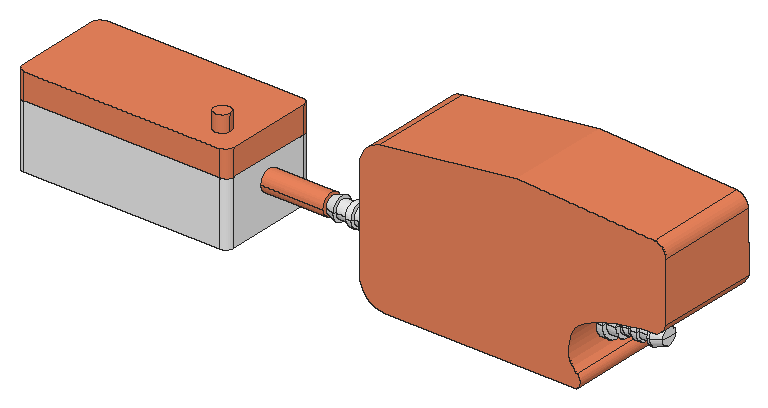
Revit family "90000951", category Mechanical Equipment, host Face, Revit 2023
Family settings
  Host = Face
  Round Connector Dimension = Use Diameter
  Part Type = Normal
  OmniClass Number = 23.70.50.11
  OmniClass Title = Pumps for Liquid Waste
  Cut with Voids When Loaded = No
  Maintain Annotation Orientation = No
  Shared = No
  Room Calculation Point = No
Parameters (values of type "90000951")
  _CurrentRevision = 1  # constant formula
  _BimSpecGuid = 0
  _BSBibleVersion = 14  # constant formula
  WarrantyStartDate [instance] = "Please record on commissioning"
  WarrantyGuarantorParts = ""
  WarrantyGuarantorLabor = ""
  WarrantyDurationUnit = "Year"
  WarrantyDescription = ""
  URL = "https://www.airflow.com/"
  Type IFC Predefined Type = "IfcPumpType"
  Type Comments = "FP3313"
  SpareParts = ""
  Size = "116x39x51mm / 80x39x34mm"
  Shape = "Rectangle"
  SerialNumber [instance] = "Please record on commissioning"
  ReplacementCost = ""
  ReferencedStandard = ""
  ProductionYear = "2017"  # constant formula
  Offset [instance] = 50 mm
  NominalLength = 116 mm
  NominalHeight = 51 mm
  NominalDepth = 39 mm
  NBSReference = "90-20-75/400"  # constant formula
  NBSOfficeMasterTag = "n/a"
  NBSNote = ""
  ModelReference = Model  # "Silent Mini Orange Condensate Pump"
  ModelNumber = Type Comments  # "FP3313"
  Model = "Silent Mini Orange Condensate Pump"
  Material = ""
  ManufacturerName = "Airflow Developments"
  Manufacturer = "Airflow Developments"
  Keynote = "R"
  InstallationDate [instance] = "Please record on commissioning"
  IfcExportType = "IfcPumpType"  # constant formula
  IfcExportAs = "IfcPump"  # constant formula
  Grade = "n/a"
  FlowRate [instance] = 0.0 L/s
  Finish = "n/a"
  Features = "n/a"
  Export Type to IFC As = "IfcPump"
  ExpectedLife = 0
  DurationUnit = "Year"
  DocumentationMaintenance = "n/a"
  DocumentationLiterature = "n/a"
  DocumentationCertificates = "n/a"
  Description = "SILENT+ MINI ORANGE CONDENSATE PUMP"
  Default Elevation = 1219.2 mm
  CreatedOn = "2017-05-16T00:00:00"
  Constituents = "n/a"
  Color = "Orange"
  CodePerformance = "n/a"
  ClassificationValue = "Pr_65_53_86_05"
  ClassificationName = "Uniclass2015"
  BarCode [instance] = "Please record on commissioning"
  AssetType = "Fixed"
  AssetIdentifier [instance] = "Please record on commissioning"
  Assembly Code = "MINI-ORANGE PUMP"
  AccessibilityPerformance = "n/a"
Reference planes
  plane 1 "Center (Front/Back)": y = 0
  plane 2: z = 0
  plane 3 "Center (Left/Right)": x = 0
  plane 4: x = -58
  plane 5: x = 58
  plane 6: y = -14
  plane 7: y = 14
  plane 8: x = -188
  plane 9: x = -108
  plane 10: x = 60.445
  plane 11: y = -19.5
  plane 12: y = 19.5
  plane 13: y = 19.5
  plane 14: y = -19.5
Forms (mm)
  Revolve 1, solid, material "AspenPumps-Plastic-White", detail levels medium+fine
    sketch origin (-14.409, 0, 15.937) x (1, 0, 0) y (0, 1, 0)
      loop
        line (35.667, 0) -> (58, 0) -> (58, 3) -> (54.389, 4.536) -> (53.363, 4.536) -> (53.363, 3.536) -> (49.289, 3.536) -> (49.289, 4.536) -> (47.032, 4.536) -> (47.032, 3.536) -> (45.102, 3.536) -> (43.958, 4.337) -> (42.647, 4.337) -> (42.647, 5.794) -> (38.688, 5.794) -> (38.688, 7.294) -> (35.667, 7.294) -> (35.667, 0)
      axis (35.667, 0) -> (58, 0)
    angle from 0 to 360
  Revolve 2, solid, material "AspenPumps-Plastic-White", detail levels medium+fine
    sketch origin (-26.126, 0, 15.938) x (1, 0, 0) y (0, 1, 0)
      loop
        line (-58, 0) -> (-31.874, 0) -> (-31.874, 5.297) -> (-43.617, 5.297) -> (-43.617, 3.245) -> (-47.185, 3.245) -> (-47.185, 4.265) -> (-49.331, 4.265) -> (-49.331, 3.245) -> (-53.956, 3.245) -> (-53.956, 4.314) -> (-58, 3) -> (-58, 0)
      axis (-31.874, 0) -> (-58, 0)
    angle from 0 to 360
  Extrusion 3, solid, material "AspenPumps-Plastic-Orange", detail levels medium+fine
    sketch origin (0, 0, 0) x (1, 0, 0) y (0, 1, 0)
      loop
        arc (-185, 19.5) -> (-187.121, 18.621) -> (-188, 16.5) r 3
        line (-188, 16.5) -> (-188, -16.5)
        arc (-188, -16.5) -> (-187.121, -18.621) -> (-185, -19.5) r 3
        line (-185, -19.5) -> (-111, -19.5)
        arc (-111, -19.5) -> (-108.879, -18.621) -> (-108, -16.5) r 3
        line (-108, -16.5) -> (-108, 16.5)
        arc (-108, 16.5) -> (-108.879, 18.621) -> (-111, 19.5) r 3
        line (-111, 19.5) -> (-185, 19.5)
    from 24 to 34
  Extrusion 4, solid, material "AspenPumps-Plastic-White", detail levels medium+fine
    sketch origin (0, 0, 0) x (1, 0, 0) y (0, 1, 0)
      loop
        line (-185, -19.5) -> (-111, -19.5)
        arc (-111, -19.5) -> (-108.879, -18.621) -> (-108, -16.5) r 3
        line (-108, -16.5) -> (-108, 16.5)
        arc (-108, 16.5) -> (-108.879, 18.621) -> (-111, 19.5) r 3
        line (-111, 19.5) -> (-185, 19.5)
        arc (-185, 19.5) -> (-187.121, 18.621) -> (-188, 16.5) r 3
        line (-188, 16.5) -> (-188, -16.5)
        arc (-188, -16.5) -> (-187.121, -18.621) -> (-185, -19.5) r 3
    from 0 to 24
  Revolve 5, solid, material "AspenPumps-Plastic-White", detail levels medium+fine
    sketch origin (0, 0, 13.091) x (1, 0, 0) y (0, 1, 0)
      loop
        line (-188, 0) -> (-188, 3) -> (-190, 3) -> (-190, 0) -> (-188, 0)
      axis (-188, 0) -> (-190, 0)
    angle from 0 to 360
  Extrusion 6, solid, material "AspenPumps-Plastic-Orange", detail levels medium+fine
    sketch origin (0, 0, 0) x (1, 0, 0) y (0, 1, 0)
      loop
        circle (-118, -9.441) r 3
    from 40 to 34
  Extrusion 7, solid, material "AspenPumps-Plastic-Orange", detail levels medium+fine
    sketch origin (0, 0, 2.846) x (0, 1, 0) y (0, 0, 1)
      loop
        circle (0, 13.091) r 4
    from -108 to -84.126
  Extrusion 8, solid, material "AspenPumps-Plastic-Orange", detail levels coarse
    sketch origin (0, 0, 0) x (1, 0, 0) y (0, 1, 0)
      loop
        line (-188, 14) -> (-188, -14) -> (58, -14) -> (58, 14) -> (-188, 14)
    from 0 to 63.464
  Extrusion 9, solid, material "AspenPumps-Plastic-Orange", detail levels medium+fine
    sketch origin (0, 0, 0) x (1, 0, 0) y (0, 0, 1)
      loop
        line (-48, 0) -> (24.102, 0)
        arc (24.102, 0) -> (25.649, 2.5) -> (24.102, 5) r 2.793
        spline (24.102, 5) -> (21.9, 8.104) -> (21.249, 11.626) -> (21.494, 14.929) -> (22.146, 17.559) -> (23.2, 19.617) -> (24.744, 21.301) -> (26.862, 22.813) -> (29.665, 24.316) -> (33.4, 25.784) -> (38.352, 27.128) -> (44.812, 28.259) -> (53.066, 29.087)
        arc (53.066, 29.087) -> (56.208, 30.251) -> (58, 33.082) r 5.235
        line (58, 33.082) -> (58, 55.679)
        arc (58, 55.679) -> (56.771, 58.962) -> (53.688, 60.632) r 5
        arc (53.688, 60.632) -> (1.589, 63.208) -> (-50.147, 56.559) r 294.697
        arc (-50.147, 56.559) -> (-55.793, 53.059) -> (-58, 46.793) r 10
        line (-58, 46.793) -> (-58, 10)
        arc (-58, 10) -> (-55.071, 2.929) -> (-48, 0) r 10
    from -19.5 to 19.5
Cuts and joins
  joined: Extrusion 4, Revolve 5
  joined: Extrusion 3, Extrusion 6
Dimensions and locks
  equal spacing: plane 4, plane 3 "Center (Left/Right)", plane 5
  equal spacing: plane 6, plane 1 "Center (Front/Back)", plane 7
  plane 7 to plane 6 = 28 mm
  plane 4 to plane 5 = 116 mm
  "Offset": plane 9 to plane 4
  locked: plane 8 to plane 9 at 80
  equal spacing: plane 11, plane 1 "Center (Front/Back)", plane 12
  plane 12 to plane 11 = 39 mm
  locked: Revolve 5 sketch curve to plane 8 at 2
  locked: Extrusion 6 sketch curve to plane 9 at 10
  locked: Extrusion 6 sketch curve to plane 6 at 4.559
  aligned and locked: plane 2 to host face
  aligned and locked: level to host face
  aligned and locked: plane 12 to Extrusion 3 sketch curve
  aligned and locked: Extrusion 3 sketch curve to plane 11
  aligned and locked: plane 8 to Extrusion 3 sketch curve
  aligned and locked: Extrusion 3 sketch curve to plane 9
  aligned and locked: Extrusion 4 sketch curve to Extrusion 3  (x3)
  aligned and locked: Revolve 5 sketch curve to plane 8
  aligned and locked: Extrusion 7 to plane 9
  aligned and locked: Extrusion 8 sketch curve to plane 5
  aligned and locked: plane 8 to Extrusion 8 sketch curve
  aligned and locked: Extrusion 8 sketch curve to plane 7
  aligned and locked: plane 6 to Extrusion 8 sketch curve
  aligned and locked: Extrusion 7 to Revolve 2
Automatic sketch dimensions
  host sketch curve to host sketch curve = 2438.4 mm  (x2)
  plane 1 "Center (Front/Back)" to Revolve 1 sketch curve = 0 mm  (x2)
  Revolve 1 sketch curve to plane 5 = 14.409 mm
  Revolve 1 sketch curve to plane 5 = 18.02 mm
  Revolve 1 sketch curve to Revolve 1 sketch curve = 1.026 mm
  Revolve 1 sketch curve to Revolve 1 sketch curve = 4.073 mm
  Revolve 1 sketch curve to Revolve 1 sketch curve = 2.257 mm
  Revolve 1 sketch curve to Revolve 1 sketch curve = 1.93 mm
  Revolve 1 sketch curve to plane 1 "Center (Front/Back)" = 4.337 mm
  Revolve 1 sketch curve to Revolve 1 sketch curve = 1.144 mm
  Revolve 1 sketch curve to Revolve 1 sketch curve = 1.311 mm
  Revolve 1 sketch curve to Revolve 1 sketch curve = 3.958 mm
  Revolve 1 sketch curve to Revolve 1 sketch curve = 3.022 mm
  Revolve 1 sketch curve to plane 1 "Center (Front/Back)" = 3.536 mm
  Revolve 1 sketch curve to Revolve 1 sketch curve = 0 mm
  Revolve 1 sketch curve to Revolve 1 sketch curve = 1 mm  (x2)
  Revolve 1 sketch curve to Revolve 1 sketch curve = 1.457 mm
  Revolve 1 sketch curve to Revolve 1 sketch curve = 1.5 mm
  Revolve 1 sketch curve to Revolve 1 sketch curve = 14.96 mm
  Revolve 1 sketch curve to Revolve 1 sketch curve = 5.712 mm
  Revolve 1 sketch curve to Revolve 1 sketch curve = 3 mm
  plane 1 "Center (Front/Back)" to Revolve 2 sketch curve = 0 mm  (x2)
  Revolve 2 sketch curve to plane 4 = 26.126 mm
  Revolve 2 sketch curve to plane 4 = 22.081 mm
  Revolve 2 sketch curve to Revolve 2 sketch curve = 4.625 mm
  Revolve 2 sketch curve to Revolve 2 sketch curve = 5.714 mm
  Revolve 2 sketch curve to Revolve 2 sketch curve = 11.743 mm
  Revolve 2 sketch curve to Revolve 2 sketch curve = 3 mm
  Revolve 2 sketch curve to plane 1 "Center (Front/Back)" = 3.245 mm
  Revolve 2 sketch curve to Revolve 2 sketch curve = 1.069 mm
  Revolve 2 sketch curve to Revolve 2 sketch curve = 2.052 mm
  Revolve 2 sketch curve to plane 4 = 32.864 mm
  Revolve 2 sketch curve to Revolve 2 sketch curve = 5.994 mm
  Revolve 2 sketch curve to Revolve 2 sketch curve = 1.02 mm
  Revolve 2 sketch curve to Revolve 2 sketch curve = 2.146 mm
  Revolve 2 sketch curve to Revolve 2 sketch curve = 0 mm
  Extrusion 3 sketch curve to plane 6 = 2.5 mm  (x2)
  plane 7 to Extrusion 3 sketch curve = 2.5 mm
  Extrusion 3 sketch curve to plane 9 = 3 mm
  Extrusion 4 sketch curve to Extrusion 4 sketch curve = 3 mm  (x2)
  Extrusion 4 sketch curve to plane 9 = 3 mm
  plane 1 "Center (Front/Back)" to Revolve 5 sketch curve = 0 mm  (x2)
  Revolve 5 sketch curve to plane 8 = 0 mm
  Revolve 5 sketch curve to Revolve 5 sketch curve = 3 mm
  Revolve 5 sketch curve to Revolve 5 sketch curve = 5.487 mm
  Extrusion 7 sketch curve to Extrusion 7 sketch curve = 0 mm  (x2)
  Extrusion 7 sketch curve to plane 1 "Center (Front/Back)" = 0 mm
  level to Extrusion 7 sketch curve = 15.938 mm
  plane 1 "Center (Front/Back)" to Extrusion 7 sketch curve = 4 mm
  Extrusion 9 sketch curve to plane 4 = 0 mm
  Extrusion 9 sketch curve to level = 0 mm
  Extrusion 9 sketch curve to plane 5 = 0 mm
  plane 3 "Center (Left/Right)" to Extrusion 9 sketch curve = 13.138 mm
  level to Extrusion 9 sketch curve = 2.5 mm
  plane 3 "Center (Left/Right)" to Extrusion 9 sketch curve = 22.857 mm
  level to Extrusion 9 sketch curve = 5 mm
  Extrusion 9 sketch curve to Extrusion 9 sketch curve = 1.245 mm
  Extrusion 9 sketch curve to plane 5 = 5.087 mm
  Extrusion 9 sketch curve to Extrusion 9 sketch curve = 5 mm
  Extrusion 9 sketch curve to plane 5 = 4.934 mm
  Extrusion 9 sketch curve to level = 231.262 mm
  level to Extrusion 9 sketch curve = 29.087 mm
  Extrusion 9 sketch curve to Extrusion 9 sketch curve = 3.996 mm
  Extrusion 9 sketch curve to Extrusion 9 sketch curve = 36.793 mm
  Extrusion 9 sketch curve to Extrusion 9 sketch curve = 21.359 mm
  Extrusion 9 sketch curve to Extrusion 9 sketch curve = 0 mm
  plane 4 to Extrusion 9 sketch curve = 10 mm  (x2)
  radius of Extrusion 6 sketch curve = 3 mm
Connectors
  piping at (43.591, 0, 15.937), diameter 6, driven by "FlowRate"
    settings: on Revolve 1, index 1, connector inside diameter 609.6 mm, connector length 0 mm, flow factor 0, pipe flow 0.0 L/s, pressure drop 0.0 Pa, fitting loss kfactor 0, connector angle 0.00°, fixture units 0, engagement length 0 mm, angle of deflection 0.00°, flow configuration 0, flow direction 2, fitting loss method 0, system type 16, joint type 0, gender type 0, connector reference index 2, connector utility 0, adjustable connector no, is connector primary yes, connector description ""
  piping at (-190, 0, 13.091), diameter 6, driven by "FlowRate"
    settings: on cut or joined group of Extrusion 4, Revolve 5, index 2, connector inside diameter 609.6 mm, connector length 0 mm, flow factor 0, pipe flow 0.0 L/s, pressure drop 0.0 Pa, fitting loss kfactor 0, connector angle 0.00°, fixture units 0, engagement length 0 mm, angle of deflection 0.00°, flow configuration 0, flow direction 1, fitting loss method 0, system type 16, joint type 0, gender type 0, connector reference index 1, connector utility 0, adjustable connector no, is connector primary no, connector description ""
  electrical at (-148, 0, 34)
    settings: on cut or joined group of Extrusion 3, Extrusion 6, index 4, voltage 0 V, apparent load 0 VA, apparent load phase1 0 VA, apparent load phase2 0 VA, apparent load phase3 0 VA, power factor 1, load classification "Other", number of poles 1, system type 30, power factor state 1, is connector primary yes, connector utility no, sub classification motor no, connector description ""
  piping at (-118, -9.441, 40), diameter 6, driven by "FlowRate"
    settings: on cut or joined group of Extrusion 3, Extrusion 6, index 5, connector inside diameter 609.6 mm, connector length 0 mm, flow factor 0, pipe flow 0.0 L/s, pressure drop 0.0 Pa, fitting loss kfactor 0, connector angle 0.00°, fixture units 0, engagement length 0 mm, angle of deflection 0.00°, flow configuration 0, flow direction 2, fitting loss method 0, system type 16, joint type 0, gender type 0, connector reference index -1, connector utility 0, adjustable connector no, is connector primary no, connector description ""
